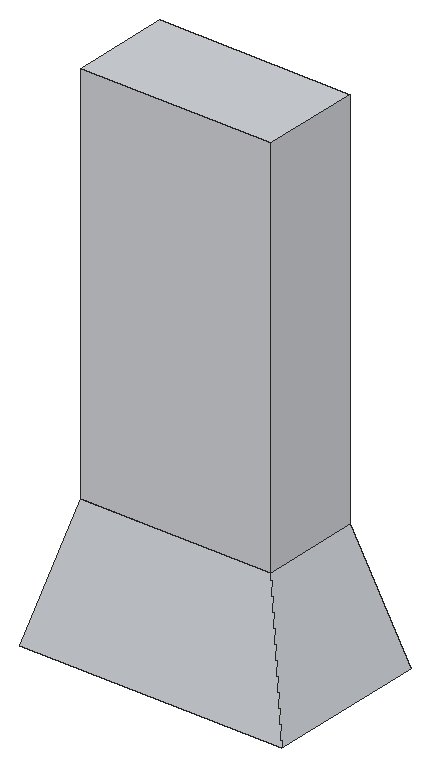
Revit family "TAPPERED STRUCTURAL COLUMN", category Structural Columns, Revit 2022
Family settings
  Section Shape = Not Defined
  Material for Model Behavior = Other
  Always export as geometry = No
  Beam cutback in plan = From bounding box
  OmniClass Number = 23.25.30.11.14.11
  OmniClass Title = Columns
  Cut with Voids When Loaded = No
  Symbolic Representation = From Family
  Shared = No
  Show family pre-cut in plan views = Yes
Parameters (values of type "RC680x1100x1620mm")
  TOP W = 800 mm
  TOP D = 420 mm
  H = H1 + H2  # 2170 mm
  BOTTOM W1 = 1100 mm
  H2 = 1620 mm
  H1 = 550 mm
  BOTTOM D1 = 680 mm
Reference planes
  plane 1 "Center (Front/Back)": y = 0
  plane 2: z = 0
  plane 3 "Center (Left/Right)": x = 0
  plane 4: z = 550
  plane 5: y = 340
  plane 6: y = -340
  plane 7: x = -550
  plane 8: x = 550
  plane 9: z = 2170
  plane 10: y = 210
  plane 11: y = -210
  plane 12: x = -400
  plane 13: x = 400
Forms (mm)
  SweptBlend 1, solid
    path origin (0, 0, 0) x (1, 0, 0) y (0, 0, 1)
      loop
        line (0, 0) -> (0, 550)
    profile origin (0, 0, 0) x (-1, 0, 0) y (0, -1, 0)
      loop
        line (550, -340) -> (550, 340) -> (-550, 340) -> (-550, -340) -> (550, -340)
    end profile origin (0, 0, 550) x (-1, 0, 0) y (0, -1, 0)
      loop
        line (400, -210) -> (400, 210) -> (-400, 210) -> (-400, -210) -> (400, -210)
  Sweep 2, solid
    path origin (0, 0, 0) x (1, 0, 0) y (0, 0, 1)
      loop
        line (0, 550) -> (0, 2170)
    profile origin (0, 0, 1360) x (-1, 0, 0) y (0, -1, 0)
      loop
        line (400, -210) -> (400, 210) -> (-400, 210) -> (-400, -210) -> (400, -210)
Dimensions and locks
  "H1": plane 4 to level
  "BOTTOM D1": plane 5 to plane 6
  equal spacing: plane 5, plane 1 "Center (Front/Back)", plane 6
  equal spacing: plane 7, plane 3 "Center (Left/Right)", plane 8
  "BOTTOM W1": plane 7 to plane 8
  "H2": plane 9 to plane 4
  equal spacing: plane 10, plane 1 "Center (Front/Back)", plane 11
  "TOP D": plane 10 to plane 11
  equal spacing: plane 12, plane 3 "Center (Left/Right)", plane 13
  "TOP W": plane 12 to plane 13
  aligned and locked: level to plane 2
  aligned and locked: plane 4 to SweptBlend 1 sketch curve
  aligned and locked: level to SweptBlend 1 sketch curve
  aligned and locked: SweptBlend 1 sketch curve to plane 8
  aligned and locked: plane 6 to SweptBlend 1 sketch curve
  aligned and locked: plane 7 to SweptBlend 1 sketch curve
  aligned and locked: SweptBlend 1 sketch curve to plane 5
  aligned and locked: plane 12 to SweptBlend 1 sketch curve
  aligned and locked: SweptBlend 1 sketch curve to plane 10
  aligned and locked: SweptBlend 1 sketch curve to plane 13
  aligned and locked: plane 11 to SweptBlend 1 sketch curve
  aligned and locked: plane 3 "Center (Left/Right)" to Sweep 2 sketch curve
  aligned and locked: plane 9 to Sweep 2 sketch curve
  aligned and locked: plane 4 to Sweep 2 sketch curve
  aligned and locked: Sweep 2 sketch curve to plane 12
  aligned and locked: Sweep 2 sketch curve to plane 11
  aligned and locked: plane 13 to Sweep 2 sketch curve
  aligned and locked: plane 10 to Sweep 2 sketch curve
  aligned and locked: plane 3 "Center (Left/Right)" to SweptBlend 1 sketch curve
